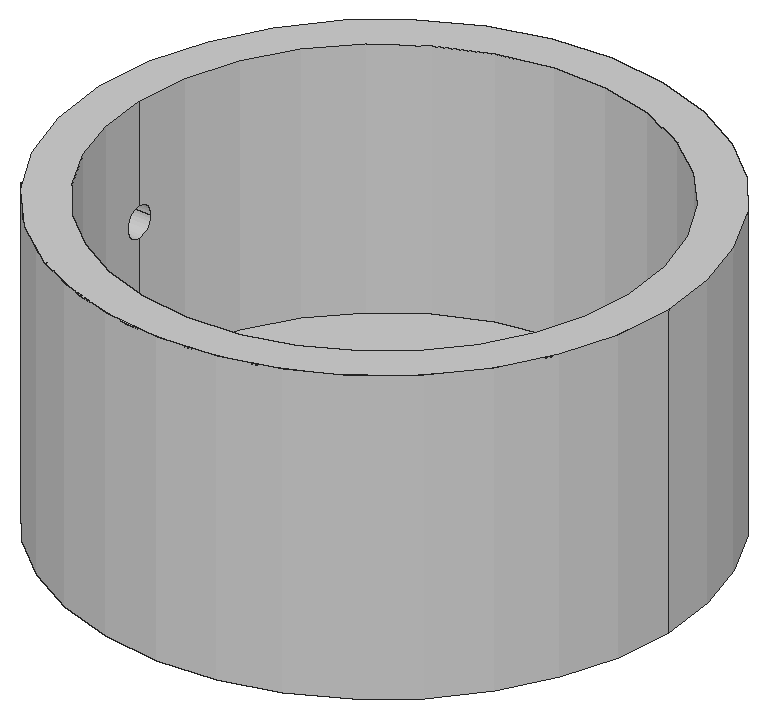
Revit family "KOD 10.6", category Фундамент несущей конструкции, Revit 2025
Family settings
  Материал для поведения модели = Прочее
  Заглушка = Нет
  Номер OmniClass = 23.25.05.00
  Заголовок OmniClass = Foundations
  На основе рабочей плоскости = Нет
  Всегда вертикально = Да
  При загрузке вырезать с полостями = Нет
  Общий = Нет
  Показывать семейство разрезанным на планах = Да
Parameters
  Петля = Петля_П1_П2 : П2
Reference planes
  plane 1 "По центру (Вперед/Назад)": y = -35
  plane 2: z = 0
  plane 3 "По центру (Влево/Вправо)": x = 0
  plane 4: z = 590
  plane 5: z = 370
  plane 6: x = -500
  plane 7: x = 500
  plane 8: x = -570
  plane 9: x = 570
  plane 10: z = 400
  plane 11: z = 340
  plane 12 "2": y = -65
  plane 13 "3": y = -5
  plane 14: x = -580
  plane 15: x = 580
  plane 16: z = 100
Forms (mm)
  Extrusion 1, solid, material "Бетон В15"
    sketch origin (0, 0, 0) x (1, 0, 0) y (0, 1, 0)
      loop
        circle (0, -35) r 580
      loop
        circle (0, -35) r 500
    from 0 to 590
  Extrusion 2, void
    sketch origin (0, 0, 0) x (0, 1, 0) y (0, 0, -1)
      loop
        circle (-35, -370) r 30
    from -570 to 570
  Extrusion 3, solid, material "Бетон В15"
    sketch origin (0, 0, 0) x (1, 0, 0) y (0, 1, 0)
      loop
        circle (0, -35) r 500
    from 0 to 100
Cuts and joins
  Extrusion 2 cuts Extrusion 1
  joined: Extrusion 1, Extrusion 3
Dimensions and locks
  plane 4 to level = 590 mm
  plane 5 to level = 370 mm
  aligned and locked: plane 2 to level
